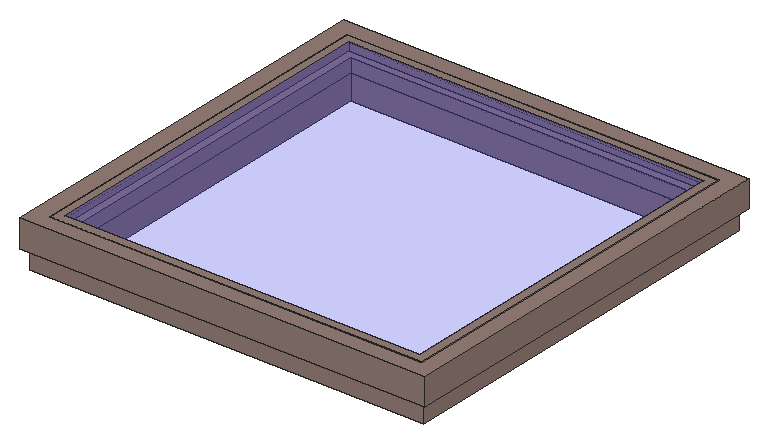
Revit family "613e8e3b26554823bd3d474b77ac374b", category Windows, host Roof, Revit 2021
Family settings
  Host = Roof
  OmniClass Number = 23.30.30.00
  OmniClass Title = Skylights
  Always vertical = No
  Cut with Voids When Loaded = No
  Shared = No
  Room Calculation Point = No
Parameters (values of type "36" x 36"")
  Width = 3' - 0"
  Visual Light Transmittance = 0.9
  Thermal Resistance (R) = 0.9899 (h·ft²·°F)/BTU
  Solar Heat Gain Coefficient = 0.86
  Rough Width = Width + 0' 0 1/2"  # 3' - 0 1/2"
  Rough Height = Height + 0' 0 1/2"  # 3' - 0 1/2"
  Height = 3' - 0"
  Heat Transfer Coefficient (U) = 1.0102 BTU/(h·ft²·°F)
  Glass Panel Material = Glass
  Frame Material = Metal - Bronze, Light Brush
  Fire Rating = "0.5h"
  Base Height = 0' - 3 1/4"
  Assembly Code = "B2020100"
  Analytic Construction = "Single-glazed windows - domestic"
Reference planes (in)
  plane 1 "Center (Front/Back)": y = 0
  plane 2 "Roof": z = 144
  plane 3 "Center (Left/Right)": x = 0
  plane 4: x = -18
  plane 5: x = 18
  plane 6: y = 18
  plane 7: y = -18
  plane 8: y = 15.5
  plane 9: y = -15.5
  plane 10: x = -15.5
  plane 11: x = 15.5
  plane 12: x = -18.5
  plane 13: x = 18.5
  plane 14: y = 18.5
  plane 15: y = -18.5
  plane 16: z = 153.25
  plane 17: z = 154.25
  plane 18: y = 17
  plane 19: y = -17
  plane 20: x = -17
  plane 21: x = 17
  plane 22: z = 152.25
Forms (in)
  Sweep 1, solid, material "Metal - Bronze, Light Brush" <- "Frame Material"
    path origin (0, 0, 144) x (1, 0, 0) y (0, 1, 0)
      loop
        line (-18, 18) -> (-18, -18) -> (18, -18) -> (18, 18) -> (-18, 18)
    profile origin (0, 18, 144) x (0, 1, 0) y (0, 0, 1)
      loop
        line (0, 6) -> (0, 9.25) -> (-1, 9.25) -> (-1, 8.25) -> (-2.5, 8.25) -> (-2.5, 6) -> (0, 6)
  Sweep 2, solid, material "Metal - Bronze, Light Brush" <- "Frame Material"
    path origin (0, 0, 144) x (1, 0, 0) y (0, 1, 0)
      loop
        line (-18, 18) -> (-18, -18) -> (18, -18) -> (18, 18) -> (-18, 18)
    profile origin (0, 18, 144) x (0, 1, 0) y (0, 0, 1)
      loop
        line (-1, 9.25) -> (0, 9.25) -> (0, 7.75) -> (0.5, 7.75) -> (0.5, 10.25) -> (-1, 10.25) -> (-1, 9.25)
  Extrusion 3, solid, material "Glass" <- "Glass Panel Material"
    sketch origin (-9, -180, 154.25) x (-1, 0, 0) y (0, -1, 0)
      loop
        line (7.25, -196.25) -> (7.25, -163.75) -> (-25.25, -163.75) -> (-25.25, -196.25) -> (7.25, -196.25)
    from 0 to -0.21875
  Sweep 4, solid, material "Metal - Bronze, Light Brush" <- "Frame Material"
    path origin (-9, -180, 154.25) x (-1, 0, 0) y (0, -1, 0)
      loop
        line (8, -197) -> (8, -163) -> (-26, -163) -> (-26, -197) -> (8, -197)
    profile origin (0, 17, 154.25) x (0, 1, 0) y (0, 0, 1)
      loop
        line (0, 0) -> (-0.75, 0) -> (-0.75, -0.75) -> (-1.5, -0.75) -> (-1.5, -2) -> (0, -2) -> (0, 0)
Lines and regions (in)
  Opening 1
    outline origin (0, 0, 150) x (0, 1, 0) y (-1, 0, 0)
      loop
        line (15.5, 15.5) -> (-15.5, 15.5) -> (-15.5, -15.5) -> (15.5, -15.5) -> (15.5, 15.5)
  model lines, style "Elevation Swing"
    curve 1: line (0, 17, 154.25) -> (-17, 0, 154.25)
    curve 2: line (0, 17, 154.25) -> (17, 0, 154.25)
    curve 3: line (0, -17, 154.25) -> (-17, 0, 154.25)
    curve 4: line (0, -17, 154.25) -> (17, 0, 154.25)
Dimensions and locks (in)
  equal spacing: host sketch curve, plane 3 "Center (Left/Right)", host sketch curve
  equal spacing: host sketch curve, plane 1 "Center (Front/Back)", host sketch curve
  equal spacing: plane 6, plane 1 "Center (Front/Back)", plane 7
  equal spacing: plane 4, plane 3 "Center (Left/Right)", plane 5
  "Width": plane 4 to plane 5
  "Height": plane 6 to plane 7
  locked: plane 6 to plane 8 at 2.5
  locked: plane 9 to plane 7 at 2.5
  locked: plane 4 to plane 10 at 2.5
  locked: plane 11 to plane 5 at 2.5
  locked: plane 12 to plane 4 at 0.5
  locked: plane 5 to plane 13 at 0.5
  locked: plane 7 to plane 15 at 0.5
  "Base Height": host roof to plane 16
  locked: plane 17 to plane 16 at 1
  locked: Sweep 2 sketch curve to plane 16 at 1.5
  locked: plane 6 to plane 18 at 1
  locked: plane 19 to plane 7 at 1
  locked: plane 4 to plane 20 at 1
  locked: plane 21 to plane 5 at 1
  locked: plane 22 to plane 16 at 1
  locked: plane 14 to plane 6 at 0.5
  locked: plane 18 to Sweep 4 sketch curve at 0.75
  locked: plane 17 to Sweep 4 sketch curve at 0.75
  aligned and locked: plane 2 "Roof" to level
  aligned and locked: Opening 1 sketch curve to plane 8
  aligned and locked: plane 10 to Opening 1 sketch curve
  aligned and locked: plane 9 to Opening 1 sketch curve
  aligned and locked: Opening 1 sketch curve to plane 11
  aligned and locked: Sweep 1 sketch curve to plane 6  (x2)
  aligned and locked: plane 4 to Sweep 1 sketch curve
  aligned and locked: plane 7 to Sweep 1 sketch curve
  aligned and locked: Sweep 1 sketch curve to plane 5
  aligned and locked: host roof to Sweep 1 sketch curve
  aligned and locked: plane 16 to Sweep 1 sketch curve
  aligned and locked: Sweep 2 sketch curve to Sweep 1  (x4)
  aligned and locked: plane 17 to Sweep 2 sketch curve
  aligned and locked: plane 14 to Sweep 2 sketch curve
  aligned and locked: Sweep 2 sketch curve to plane 6
  aligned and locked: plane 16 to Sweep 2 sketch curve
  aligned and locked: plane 18 to Sweep 2 sketch curve
  aligned and locked: plane 8 to Sweep 1 sketch curve
  aligned and locked: Sweep 1 sketch curve to plane 18
  aligned and locked: Sweep 1 sketch curve to plane 22
  aligned and locked: Sweep 4 sketch curve to Sweep 1  (x4)
  aligned and locked: plane 18 to Sweep 4 sketch curve
  aligned and locked: Sweep 4 sketch curve to plane 17
  aligned and locked: plane 22 to Sweep 4 sketch curve
  aligned and locked: plane 8 to Sweep 4 sketch curve
  aligned and locked: Extrusion 3 to Sweep 4  (x4)
  aligned and locked: plane 1 "Center (Front/Back)" to curve 3
  aligned and locked: plane 1 "Center (Front/Back)" to curve 4
  aligned and locked: plane 3 "Center (Left/Right)" to curve 2
  aligned and locked: plane 18 to curve 2
  aligned and locked: plane 20 to curve 3
  aligned and locked: plane 21 to curve 4
  aligned and locked: plane 19 to curve 3
  aligned and locked: plane 19 to Sweep 4
  aligned and locked: plane 3 "Center (Left/Right)" to curve 3
Automatic sketch dimensions
  plane 18 to Extrusion 3 sketch curve = 0' - 0 3/4"
  plane 11 to Extrusion 3 sketch curve = 0' - 0 3/4"
  Extrusion 3 sketch curve to plane 19 = 0' - 0 3/4"
  plane 20 to Extrusion 3 sketch curve = 0' - 0 3/4"
